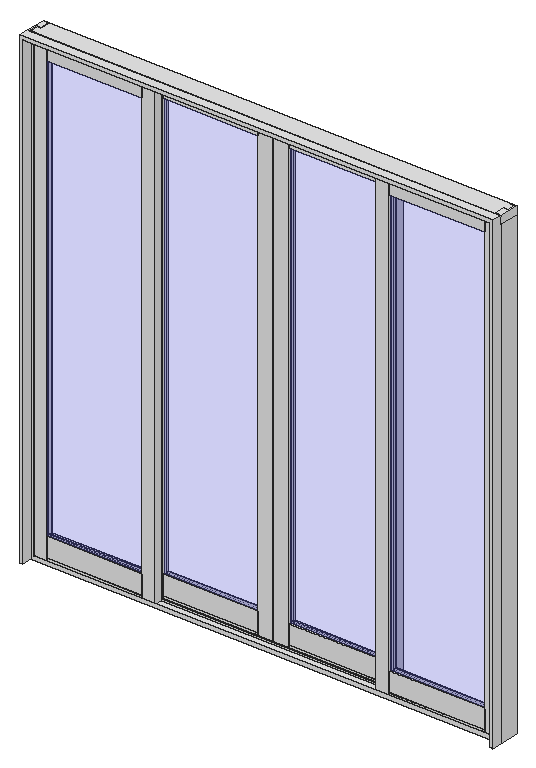
Revit family "Door-Sliding-All_Weather-Series_8100-Bi-Parting", category Doors, host Wall, Revit 2026 (continued)
Definition of nested family "Detail-All_Weather-Series_8100_Jamb"
  Dimensions and locks (in)
    Masking region 1 sketch curve to Masking region 1 sketch curve to plane 4 "Front" to Masking region 1 sketch curve to Masking region 1 sketch curve to Masking region 1 sketch curve to Masking region 1 sketch curve to Masking region 1 sketch curve to Masking region 1 sketch curve to Masking region 1 sketch curve to Masking region 1 sketch curve to Masking region 1 sketch curve to Masking region 1 sketch curve to Masking region 1 sketch curve to Masking region 1 sketch curve to Masking region 1 sketch curve to Masking region 1 sketch curve to Masking region 1 sketch curve to Masking region 1 sketch curve to Masking region 1 sketch curve to Masking region 1 sketch curve to Masking region 1 sketch curve to Masking region 1 sketch curve to Masking region 1 sketch curve to Masking region 1 sketch curve to Masking region 1 sketch curve to Masking region 1 sketch curve to Masking region 1 sketch curve to Masking region 1 sketch curve to Masking region 1 sketch curve to Masking region 1 sketch curve to Masking region 1 sketch curve to Masking region 1 sketch curve to Masking region 1 sketch curve to Masking region 1 sketch curve to Masking region 1 sketch curve to Masking region 1 sketch curve to Masking region 1 sketch curve to Masking region 1 sketch curve to Masking region 1 sketch curve to Masking region 1 sketch curve to Masking region 1 sketch curve to Masking region 1 sketch curve to Masking region 1 sketch curve = 0' - 0" locked, 0' - 0" locked, 0' - 0.04715" locked, 0' - 0.02243" locked, 0' - 0" locked, 0' - 0.02982" locked, 0' - 0" locked, 0' - 0.01988" locked, 0' - 0" locked, 0' - 0.03976" locked, 0' - 0" locked, 0' - 0.00994" locked, 0' - 0.50689" locked, 0' - 0.03081" locked, 0' - 0" locked, 0' - 0.08755" locked, 0' - 0" locked, 0' - 0.04001" locked, 0' - 0" locked, 0' - 0.03941" locked, 0' - 0" locked, 0' - 0.25253" locked, 0' - 0" locked, 0' - 0.03941" locked, 0' - 0" locked, 0' - 0.04001" locked, 0' - 0" locked, 0' - 0.08755" locked, 0' - 0" locked, 0' - 0.03081" locked, 0' - 0.51683" locked, 0' - 0" locked, 0' - 0.03976" locked, 0' - 0" locked, 0' - 0.00994" locked, 0' - 0.03976" locked, 0' - 0" locked, 0' - 0.02243" locked, 0' - 0.04715" locked, 0' - 0" locked, 0' - 0.03705" locked, 0' - 0.01425" locked, 0' - 0.03114" locked
    Masking region 1 sketch curve to Masking region 1 sketch curve to plane 3 "Top" to Masking region 1 sketch curve to Masking region 1 sketch curve to Masking region 1 sketch curve to Masking region 1 sketch curve to Masking region 1 sketch curve to Masking region 1 sketch curve to Masking region 1 sketch curve to Masking region 1 sketch curve to Masking region 1 sketch curve to Masking region 1 sketch curve = 0' - 0" locked, 0' - 0" locked, 0' - 0.06162" locked, 0' - 0" locked, 0' - 0.04771" locked, 0' - 0" locked, 0' - 0.12325" locked, 0' - 0" locked, 0' - 0.04771" locked, 0' - 0" locked, 0' - 0.06162" locked, 0' - 0" locked
    plane 1 "Center (Front/Back)" to Masking region 2 sketch curve to Masking region 2 sketch curve to Masking region 2 sketch curve to Masking region 2 sketch curve to Masking region 2 sketch curve = 0' - 0.06977" locked, 0' - 0" locked, 0' - 0.1143" locked, 0' - 0.11812" locked, 0' - 0" locked
    plane 4 "Front" to Masking region 2 sketch curve to Masking region 2 sketch curve to Masking region 2 sketch curve to Masking region 2 sketch curve to Masking region 2 sketch curve = 0' - 0.16896" locked, 0' - 0.43732" locked, 0' - 0.77538" locked, 0' - 0.43732" locked, 0' - 0.09939" locked
    "Thickness": plane 4 "Front" to plane 5
    plane 4 "Front" to Masking region 4 sketch curve to Masking region 4 sketch curve to Masking region 4 sketch curve to Masking region 4 sketch curve to Masking region 4 sketch curve to Masking region 4 sketch curve to Masking region 4 sketch curve to Masking region 4 sketch curve = 0' - 0.06957" locked, 0' - 0.04969" locked, 0' - 0" locked, 0' - 0.13554" locked, 0' - 1.4902" locked, 0' - 0.13554" locked, 0' - 0" locked, 0' - 0.04969" locked
    plane 3 "Top" to Masking region 4 sketch curve to Masking region 4 sketch curve to Masking region 4 sketch curve to Masking region 4 sketch curve to Masking region 4 sketch curve to Masking region 4 sketch curve to Masking region 4 sketch curve to Masking region 4 sketch curve to Masking region 4 sketch curve to Masking region 4 sketch curve to Masking region 4 sketch curve to Masking region 4 sketch curve = 0' - 0.06162" locked, 0' - 0" locked, 0' - 0.06321" locked, 0' - 0" locked, 0' - 0.00755" locked, 0' - 0" locked, 0' - 0.07901" locked, 0' - 0" locked, 0' - 0.00739" locked, 0' - 0" locked, 0' - 0.06151" locked, 0' - 0" locked
    plane 4 "Front" to Masking region 5 sketch curve to Masking region 5 sketch curve to Masking region 5 sketch curve to Masking region 5 sketch curve to Masking region 5 sketch curve to Masking region 5 sketch curve to Masking region 5 sketch curve to Masking region 5 sketch curve to Masking region 5 sketch curve to Masking region 5 sketch curve to Masking region 5 sketch curve to Masking region 5 sketch curve to Masking region 5 sketch curve to Masking region 5 sketch curve to Masking region 5 sketch curve to Masking region 5 sketch curve to Masking region 5 sketch curve to Masking region 5 sketch curve = 0' - 0.67585" locked, 0' - 0.03081" locked, 0' - 0" locked, 0' - 0.08755" locked, 0' - 0" locked, 0' - 0.04001" locked, 0' - 0" locked, 0' - 0.03941" locked, 0' - 0" locked, 0' - 0.25253" locked, 0' - 0" locked, 0' - 0.03941" locked, 0' - 0" locked, 0' - 0.04001" locked, 0' - 0" locked, 0' - 0.08755" locked, 0' - 0" locked, 0' - 0.03081" locked
    Masking region 5 sketch curve to Masking region 5 sketch curve to Masking region 5 sketch curve to Masking region 5 sketch curve to Masking region 5 sketch curve to Masking region 5 sketch curve to Masking region 5 sketch curve to Masking region 5 sketch curve to Masking region 5 sketch curve to Masking region 5 sketch curve to Masking region 5 sketch curve to Masking region 5 sketch curve to Masking region 5 sketch curve to Masking region 5 sketch curve to Masking region 5 sketch curve to Masking region 5 sketch curve to Masking region 5 sketch curve to Masking region 5 sketch curve = 0' - 0 3/256" locked, 0' - 0" locked, 0' - 0.01988" locked, 0' - 0" locked, 0' - 0.01093" locked, 0' - 0" locked, 0' - 0.0092" locked, 0' - 0" locked, 0' - 0.16349" locked, 0' - 0" locked, 0' - 0.0092" locked, 0' - 0" locked, 0' - 0.01093" locked, 0' - 0" locked, 0' - 0.01988" locked, 0' - 0" locked, 0' - 0.01168" locked
    Masking region 1 sketch curve to Masking region 1 sketch curve to Masking region 1 sketch curve to Masking region 1 sketch curve to Masking region 1 sketch curve to Masking region 1 sketch curve to Masking region 1 sketch curve to Masking region 1 sketch curve to Masking region 1 sketch curve to Masking region 1 sketch curve to Masking region 1 sketch curve to Masking region 1 sketch curve to Masking region 1 sketch curve to Masking region 1 sketch curve to Masking region 1 sketch curve to Masking region 1 sketch curve to Masking region 1 sketch curve to Masking region 1 sketch curve to Masking region 1 sketch curve to Masking region 1 sketch curve to Masking region 1 sketch curve to Masking region 1 sketch curve to Masking region 1 sketch curve to Masking region 1 sketch curve to Masking region 1 sketch curve to Masking region 1 sketch curve to Masking region 1 sketch curve to Masking region 1 sketch curve to Masking region 1 sketch curve to Masking region 1 sketch curve to Masking region 1 sketch curve to plane 1 "Center (Front/Back)" = 0' - 0.06957" locked, 0' - 0.00974" locked, 0' - 0.0242" locked, 0' - 0" locked, 0' - 0.01575" locked, 0' - 0.00974" locked, 0' - 0.02504" locked, 0' - 0" locked, 0' - 0.01988" locked, 0' - 0" locked, 0' - 0.01093" locked, 0' - 0" locked, 0' - 0.00378" locked, 0' - 0.00542" locked, 0' - 0" locked, 0' - 0.09715" locked, 0' - 0.05963" locked, 0' - 0" locked, 0' - 0.0067" locked, 0' - 0" locked, 0' - 0.0092" locked, 0' - 0" locked, 0' - 0.01093" locked, 0' - 0" locked, 0' - 0.01988" locked, 0' - 0" locked, 0' - 0.04646" locked, 0' - 0" locked, 0' - 0.03106" locked, 0' - 0" locked, 0' - 0" locked
    plane 4 "Front" to plane 6 to plane 7 = 0' - 0.99014" locked, 0' - 2" locked
    locked: plane 8 to plane 5 at 1.06903
    Masking region 6 sketch curve to Masking region 6 sketch curve to Masking region 6 sketch curve to Masking region 6 sketch curve to Masking region 6 sketch curve = 0' - 0" locked, 0' - 0.1143" locked, 0' - 0.11812" locked, 0' - 0" locked
    plane 4 "Front" to Masking region 6 sketch curve to Masking region 6 sketch curve to Masking region 6 sketch curve to Masking region 6 sketch curve to Masking region 6 sketch curve = 0' - 2.16896" locked, 0' - 0.43732" locked, 0' - 0.77538" locked, 0' - 0.43732" locked, 0' - 0.09939" locked
    plane 4 "Front" to Masking region 7 sketch curve to Masking region 7 sketch curve to Masking region 7 sketch curve to Masking region 7 sketch curve to Masking region 7 sketch curve to Masking region 7 sketch curve to Masking region 7 sketch curve to Masking region 7 sketch curve to Masking region 7 sketch curve to Masking region 7 sketch curve to Masking region 7 sketch curve to Masking region 7 sketch curve to Masking region 7 sketch curve to Masking region 7 sketch curve to Masking region 7 sketch curve to Masking region 7 sketch curve to Masking region 7 sketch curve to Masking region 7 sketch curve = 0' - 2.67585" locked, 0' - 0.03081" locked, 0' - 0" locked, 0' - 0.08755" locked, 0' - 0" locked, 0' - 0.04001" locked, 0' - 0" locked, 0' - 0.03941" locked, 0' - 0" locked, 0' - 0.25253" locked, 0' - 0" locked, 0' - 0.03941" locked, 0' - 0" locked, 0' - 0.04001" locked, 0' - 0" locked, 0' - 0.08755" locked, 0' - 0" locked, 0' - 0.03081" locked
    Masking region 7 sketch curve to Masking region 7 sketch curve to Masking region 7 sketch curve to Masking region 7 sketch curve to Masking region 7 sketch curve to Masking region 7 sketch curve to Masking region 7 sketch curve to Masking region 7 sketch curve to Masking region 7 sketch curve to Masking region 7 sketch curve to Masking region 7 sketch curve to Masking region 7 sketch curve to Masking region 7 sketch curve to Masking region 7 sketch curve to Masking region 7 sketch curve to Masking region 7 sketch curve to Masking region 7 sketch curve to Masking region 7 sketch curve = 0' - 0 3/256" locked, 0' - 0" locked, 0' - 0.01988" locked, 0' - 0" locked, 0' - 0.01093" locked, 0' - 0" locked, 0' - 0.0092" locked, 0' - 0" locked, 0' - 0.16349" locked, 0' - 0" locked, 0' - 0.0092" locked, 0' - 0" locked, 0' - 0.01093" locked, 0' - 0" locked, 0' - 0.01988" locked, 0' - 0" locked, 0' - 0.01168" locked
    plane 4 "Front" to Masking region 8 sketch curve to Masking region 8 sketch curve to Masking region 8 sketch curve to Masking region 8 sketch curve to Masking region 8 sketch curve to Masking region 8 sketch curve to Masking region 8 sketch curve to Masking region 8 sketch curve to Masking region 8 sketch curve to Masking region 8 sketch curve to Masking region 8 sketch curve to Masking region 8 sketch curve to Masking region 8 sketch curve to Masking region 8 sketch curve to Masking region 8 sketch curve to Masking region 8 sketch curve to Masking region 8 sketch curve to Masking region 8 sketch curve to Masking region 8 sketch curve to Masking region 8 sketch curve to Masking region 8 sketch curve to Masking region 8 sketch curve to Masking region 8 sketch curve to Masking region 8 sketch curve to Masking region 8 sketch curve to Masking region 8 sketch curve to Masking region 8 sketch curve to Masking region 8 sketch curve to Masking region 8 sketch curve to Masking region 8 sketch curve to Masking region 8 sketch curve to Masking region 8 sketch curve to Masking region 8 sketch curve to Masking region 8 sketch curve to Masking region 8 sketch curve to Masking region 8 sketch curve to Masking region 8 sketch curve to Masking region 8 sketch curve to Masking region 8 sketch curve to Masking region 8 sketch curve to Masking region 8 sketch curve to Masking region 8 sketch curve to Masking region 8 sketch curve = 0' - 1.99981" locked, 0' - 0" locked, 0' - 0.04715", 0' - 0.02243" locked, 0' - 0" locked, 0' - 0.02982" locked, 0' - 0" locked, 0' - 0.01988" locked, 0' - 0" locked, 0' - 0.03976" locked, 0' - 0" locked, 0' - 0.00994" locked, 0' - 0.50689" locked, 0' - 0.03081" locked, 0' - 0" locked, 0' - 0.08755" locked, 0' - 0" locked, 0' - 0.04001" locked, 0' - 0" locked, 0' - 0.03941" locked, 0' - 0" locked, 0' - 0.25253" locked, 0' - 0" locked, 0' - 0.03941" locked, 0' - 0" locked, 0' - 0.04001" locked, 0' - 0" locked, 0' - 0.08755" locked, 0' - 0" locked, 0' - 0.03081" locked, 0' - 0.51683" locked, 0' - 0" locked, 0' - 0.03976" locked, 0' - 0" locked, 0' - 0.00994" locked, 0' - 0.03976" locked, 0' - 0" locked, 0' - 0.02243" locked, 0' - 0.04715" locked, 0' - 0" locked, 0' - 0.03705" locked, 0' - 0.01425" locked, 0' - 0.03114" locked
    Masking region 8 sketch curve to Masking region 8 sketch curve to Masking region 8 sketch curve to Masking region 8 sketch curve to Masking region 8 sketch curve to Masking region 8 sketch curve to Masking region 8 sketch curve to Masking region 8 sketch curve to Masking region 8 sketch curve to Masking region 8 sketch curve to Masking region 8 sketch curve to Masking region 8 sketch curve = 0' - 0" locked, 0' - 0.06162", 0' - 0" locked, 0' - 0.04771" locked, 0' - 0" locked, 0' - 0.12325" locked, 0' - 0" locked, 0' - 0.04771" locked, 0' - 0" locked, 0' - 0.06162" locked, 0' - 0" locked
    Masking region 8 sketch curve to Masking region 8 sketch curve to Masking region 8 sketch curve to Masking region 8 sketch curve to Masking region 8 sketch curve to Masking region 8 sketch curve to Masking region 8 sketch curve to Masking region 8 sketch curve to Masking region 8 sketch curve to Masking region 8 sketch curve to Masking region 8 sketch curve to Masking region 8 sketch curve to Masking region 8 sketch curve to Masking region 8 sketch curve to Masking region 8 sketch curve to Masking region 8 sketch curve to Masking region 8 sketch curve to Masking region 8 sketch curve to Masking region 8 sketch curve to Masking region 8 sketch curve to Masking region 8 sketch curve to Masking region 8 sketch curve to Masking region 8 sketch curve to Masking region 8 sketch curve to Masking region 8 sketch curve to Masking region 8 sketch curve to Masking region 8 sketch curve to Masking region 8 sketch curve to Masking region 8 sketch curve to Masking region 8 sketch curve to Masking region 8 sketch curve = 0' - 0.06957" locked, 0' - 0.00974" locked, 0' - 0.0242" locked, 0' - 0" locked, 0' - 0.01575" locked, 0' - 0.00974" locked, 0' - 0.02504" locked, 0' - 0" locked, 0' - 0.01988" locked, 0' - 0" locked, 0' - 0.01093" locked, 0' - 0" locked, 0' - 0.00378" locked, 0' - 0.00542" locked, 0' - 0" locked, 0' - 0.09715" locked, 0' - 0.05963" locked, 0' - 0" locked, 0' - 0.0067" locked, 0' - 0" locked, 0' - 0.0092" locked, 0' - 0" locked, 0' - 0.01093" locked, 0' - 0" locked, 0' - 0.01988" locked, 0' - 0" locked, 0' - 0.04646" locked, 0' - 0" locked, 0' - 0.03106" locked, 0' - 0" locked
    plane 4 "Front" to Masking region 9 sketch curve to Masking region 9 sketch curve to Masking region 9 sketch curve to Masking region 9 sketch curve to Masking region 9 sketch curve to Masking region 9 sketch curve to Masking region 9 sketch curve to Masking region 9 sketch curve = 0' - 2.06957" locked, 0' - 0.04969" locked, 0' - 0" locked, 0' - 0.13554" locked, 0' - 1.4902" locked, 0' - 0.13554" locked, 0' - 0" locked, 0' - 0.04969" locked
    Masking region 9 sketch curve to Masking region 9 sketch curve to Masking region 9 sketch curve to Masking region 9 sketch curve to Masking region 9 sketch curve to Masking region 9 sketch curve to Masking region 9 sketch curve to Masking region 9 sketch curve to Masking region 9 sketch curve to Masking region 9 sketch curve to Masking region 9 sketch curve to Masking region 9 sketch curve = 0' - 0" locked, 0' - 0.06321" locked, 0' - 0" locked, 0' - 0.00755" locked, 0' - 0" locked, 0' - 0.07901" locked, 0' - 0" locked, 0' - 0.00739" locked, 0' - 0" locked, 0' - 0.06151" locked, 0' - 0" locked
    Masking region 10 sketch curve to Masking region 10 sketch curve to Masking region 10 sketch curve to Masking region 10 sketch curve to Masking region 10 sketch curve = 0' - 0" locked, 0' - 0.1143" locked, 0' - 0.11812" locked, 0' - 0" locked
    plane 4 "Front" to Masking region 10 sketch curve to Masking region 10 sketch curve to Masking region 10 sketch curve to Masking region 10 sketch curve to Masking region 10 sketch curve = 0' - 4.16896" locked, 0' - 0.43732" locked, 0' - 0.77538" locked, 0' - 0.43732" locked, 0' - 0.09939" locked
    plane 4 "Front" to Masking region 11 sketch curve to Masking region 11 sketch curve to Masking region 11 sketch curve to Masking region 11 sketch curve to Masking region 11 sketch curve to Masking region 11 sketch curve to Masking region 11 sketch curve to Masking region 11 sketch curve to Masking region 11 sketch curve to Masking region 11 sketch curve to Masking region 11 sketch curve to Masking region 11 sketch curve to Masking region 11 sketch curve to Masking region 11 sketch curve to Masking region 11 sketch curve to Masking region 11 sketch curve to Masking region 11 sketch curve to Masking region 11 sketch curve = 0' - 4.67585" locked, 0' - 0.03081" locked, 0' - 0" locked, 0' - 0.08755" locked, 0' - 0" locked, 0' - 0.04001" locked, 0' - 0" locked, 0' - 0.03941" locked, 0' - 0" locked, 0' - 0.25253" locked, 0' - 0" locked, 0' - 0.03941" locked, 0' - 0" locked, 0' - 0.04001" locked, 0' - 0" locked, 0' - 0.08755" locked, 0' - 0" locked, 0' - 0.03081" locked
    Masking region 11 sketch curve to Masking region 11 sketch curve to Masking region 11 sketch curve to Masking region 11 sketch curve to Masking region 11 sketch curve to Masking region 11 sketch curve to Masking region 11 sketch curve to Masking region 11 sketch curve to Masking region 11 sketch curve to Masking region 11 sketch curve to Masking region 11 sketch curve to Masking region 11 sketch curve to Masking region 11 sketch curve to Masking region 11 sketch curve to Masking region 11 sketch curve to Masking region 11 sketch curve to Masking region 11 sketch curve to Masking region 11 sketch curve = 0' - 0 3/256" locked, 0' - 0" locked, 0' - 0.01988" locked, 0' - 0" locked, 0' - 0.01093" locked, 0' - 0" locked, 0' - 0.0092" locked, 0' - 0" locked, 0' - 0.16349" locked, 0' - 0" locked, 0' - 0.0092" locked, 0' - 0" locked, 0' - 0.01093" locked, 0' - 0" locked, 0' - 0.01988" locked, 0' - 0" locked, 0' - 0.01168" locked
    plane 4 "Front" to Masking region 12 sketch curve to Masking region 12 sketch curve to Masking region 12 sketch curve to Masking region 12 sketch curve to Masking region 12 sketch curve to Masking region 12 sketch curve to Masking region 12 sketch curve to Masking region 12 sketch curve to Masking region 12 sketch curve to Masking region 12 sketch curve to Masking region 12 sketch curve to Masking region 12 sketch curve to Masking region 12 sketch curve to Masking region 12 sketch curve to Masking region 12 sketch curve to Masking region 12 sketch curve to Masking region 12 sketch curve to Masking region 12 sketch curve to Masking region 12 sketch curve to Masking region 12 sketch curve to Masking region 12 sketch curve to Masking region 12 sketch curve to Masking region 12 sketch curve to Masking region 12 sketch curve to Masking region 12 sketch curve to Masking region 12 sketch curve to Masking region 12 sketch curve to Masking region 12 sketch curve to Masking region 12 sketch curve to Masking region 12 sketch curve to Masking region 12 sketch curve to Masking region 12 sketch curve to Masking region 12 sketch curve to Masking region 12 sketch curve to Masking region 12 sketch curve to Masking region 12 sketch curve to Masking region 12 sketch curve to Masking region 12 sketch curve to Masking region 12 sketch curve to Masking region 12 sketch curve to Masking region 12 sketch curve to Masking region 12 sketch curve to Masking region 12 sketch curve = 0' - 3.99981" locked, 0' - 0" locked, 0' - 0.04715", 0' - 0.02243" locked, 0' - 0" locked, 0' - 0.02982" locked, 0' - 0" locked, 0' - 0.01988" locked, 0' - 0" locked, 0' - 0.03976" locked, 0' - 0" locked, 0' - 0.00994" locked, 0' - 0.50689" locked, 0' - 0.03081" locked, 0' - 0" locked, 0' - 0.08755" locked, 0' - 0" locked, 0' - 0.04001" locked, 0' - 0" locked, 0' - 0.03941" locked, 0' - 0" locked, 0' - 0.25253" locked, 0' - 0" locked, 0' - 0.03941" locked, 0' - 0" locked, 0' - 0.04001" locked, 0' - 0" locked, 0' - 0.08755" locked, 0' - 0" locked, 0' - 0.03081" locked, 0' - 0.51683" locked, 0' - 0" locked, 0' - 0.03976" locked, 0' - 0" locked, 0' - 0.00994" locked, 0' - 0.03976" locked, 0' - 0" locked, 0' - 0.02243" locked, 0' - 0.04715" locked, 0' - 0" locked, 0' - 0.03705" locked, 0' - 0.01425" locked, 0' - 0.03114" locked
    Masking region 12 sketch curve to Masking region 12 sketch curve to Masking region 12 sketch curve to Masking region 12 sketch curve to Masking region 12 sketch curve to Masking region 12 sketch curve to Masking region 12 sketch curve to Masking region 12 sketch curve to Masking region 12 sketch curve to Masking region 12 sketch curve to Masking region 12 sketch curve to Masking region 12 sketch curve = 0' - 0" locked, 0' - 0.06162", 0' - 0" locked, 0' - 0.04771" locked, 0' - 0" locked, 0' - 0.12325" locked, 0' - 0" locked, 0' - 0.04771" locked, 0' - 0" locked, 0' - 0.06162" locked, 0' - 0" locked
    Masking region 12 sketch curve to Masking region 12 sketch curve to Masking region 12 sketch curve to Masking region 12 sketch curve to Masking region 12 sketch curve to Masking region 12 sketch curve to Masking region 12 sketch curve to Masking region 12 sketch curve to Masking region 12 sketch curve to Masking region 12 sketch curve to Masking region 12 sketch curve to Masking region 12 sketch curve to Masking region 12 sketch curve to Masking region 12 sketch curve to Masking region 12 sketch curve to Masking region 12 sketch curve to Masking region 12 sketch curve to Masking region 12 sketch curve to Masking region 12 sketch curve to Masking region 12 sketch curve to Masking region 12 sketch curve to Masking region 12 sketch curve to Masking region 12 sketch curve to Masking region 12 sketch curve to Masking region 12 sketch curve to Masking region 12 sketch curve to Masking region 12 sketch curve to Masking region 12 sketch curve to Masking region 12 sketch curve to Masking region 12 sketch curve to Masking region 12 sketch curve = 0' - 0.06957" locked, 0' - 0.00974" locked, 0' - 0.0242" locked, 0' - 0" locked, 0' - 0.01575" locked, 0' - 0.00974" locked, 0' - 0.02504" locked, 0' - 0" locked, 0' - 0.01988" locked, 0' - 0" locked, 0' - 0.01093" locked, 0' - 0" locked, 0' - 0.00378" locked, 0' - 0.00542" locked, 0' - 0" locked, 0' - 0.09715" locked, 0' - 0.05963" locked, 0' - 0" locked, 0' - 0.0067" locked, 0' - 0" locked, 0' - 0.0092" locked, 0' - 0" locked, 0' - 0.01093" locked, 0' - 0" locked, 0' - 0.01988" locked, 0' - 0" locked, 0' - 0.04646" locked, 0' - 0" locked, 0' - 0.03106" locked, 0' - 0" locked
    plane 4 "Front" to Masking region 13 sketch curve to Masking region 13 sketch curve to Masking region 13 sketch curve to Masking region 13 sketch curve to Masking region 13 sketch curve to Masking region 13 sketch curve to Masking region 13 sketch curve to Masking region 13 sketch curve = 0' - 4.06957" locked, 0' - 0.04969" locked, 0' - 0" locked, 0' - 0.13554" locked, 0' - 1.4902" locked, 0' - 0.13554" locked, 0' - 0" locked, 0' - 0.04969" locked
    Masking region 13 sketch curve to Masking region 13 sketch curve to Masking region 13 sketch curve to Masking region 13 sketch curve to Masking region 13 sketch curve to Masking region 13 sketch curve to Masking region 13 sketch curve to Masking region 13 sketch curve to Masking region 13 sketch curve to Masking region 13 sketch curve to Masking region 13 sketch curve to Masking region 13 sketch curve = 0' - 0" locked, 0' - 0.06321" locked, 0' - 0" locked, 0' - 0.00755" locked, 0' - 0" locked, 0' - 0.07901" locked, 0' - 0" locked, 0' - 0.00739" locked, 0' - 0" locked, 0' - 0.06151" locked, 0' - 0" locked
    Masking region 14 sketch curve to Masking region 14 sketch curve to Masking region 14 sketch curve to Masking region 14 sketch curve to Masking region 14 sketch curve = 0' - 0" locked, 0' - 0.1143" locked, 0' - 0.11812" locked, 0' - 0" locked
    plane 4 "Front" to Masking region 14 sketch curve to Masking region 14 sketch curve to Masking region 14 sketch curve to Masking region 14 sketch curve to Masking region 14 sketch curve = 0' - 6.16896" locked, 0' - 0.43732" locked, 0' - 0.77538" locked, 0' - 0.43732" locked, 0' - 0.09939" locked
    plane 4 "Front" to Masking region 15 sketch curve to Masking region 15 sketch curve to Masking region 15 sketch curve to Masking region 15 sketch curve to Masking region 15 sketch curve to Masking region 15 sketch curve to Masking region 15 sketch curve to Masking region 15 sketch curve to Masking region 15 sketch curve to Masking region 15 sketch curve to Masking region 15 sketch curve to Masking region 15 sketch curve to Masking region 15 sketch curve to Masking region 15 sketch curve to Masking region 15 sketch curve to Masking region 15 sketch curve to Masking region 15 sketch curve to Masking region 15 sketch curve = 0' - 6.67585" locked, 0' - 0.03081" locked, 0' - 0" locked, 0' - 0.08755" locked, 0' - 0" locked, 0' - 0.04001" locked, 0' - 0" locked, 0' - 0.03941" locked, 0' - 0" locked, 0' - 0.25253" locked, 0' - 0" locked, 0' - 0.03941" locked, 0' - 0" locked, 0' - 0.04001" locked, 0' - 0" locked, 0' - 0.08755" locked, 0' - 0" locked, 0' - 0.03081" locked
    Masking region 15 sketch curve to Masking region 15 sketch curve to Masking region 15 sketch curve to Masking region 15 sketch curve to Masking region 15 sketch curve to Masking region 15 sketch curve to Masking region 15 sketch curve to Masking region 15 sketch curve to Masking region 15 sketch curve to Masking region 15 sketch curve to Masking region 15 sketch curve to Masking region 15 sketch curve to Masking region 15 sketch curve to Masking region 15 sketch curve to Masking region 15 sketch curve to Masking region 15 sketch curve to Masking region 15 sketch curve to Masking region 15 sketch curve = 0' - 0 3/256" locked, 0' - 0" locked, 0' - 0.01988" locked, 0' - 0" locked, 0' - 0.01093" locked, 0' - 0" locked, 0' - 0.0092" locked, 0' - 0" locked, 0' - 0.16349" locked, 0' - 0" locked, 0' - 0.0092" locked, 0' - 0" locked, 0' - 0.01093" locked, 0' - 0" locked, 0' - 0.01988" locked, 0' - 0" locked, 0' - 0.01168" locked
    plane 4 "Front" to Masking region 16 sketch curve to Masking region 16 sketch curve to Masking region 16 sketch curve to Masking region 16 sketch curve to Masking region 16 sketch curve to Masking region 16 sketch curve to Masking region 16 sketch curve to Masking region 16 sketch curve to Masking region 16 sketch curve to Masking region 16 sketch curve to Masking region 16 sketch curve to Masking region 16 sketch curve to Masking region 16 sketch curve to Masking region 16 sketch curve to Masking region 16 sketch curve to Masking region 16 sketch curve to Masking region 16 sketch curve to Masking region 16 sketch curve to Masking region 16 sketch curve to Masking region 16 sketch curve to Masking region 16 sketch curve to Masking region 16 sketch curve to Masking region 16 sketch curve to Masking region 16 sketch curve to Masking region 16 sketch curve to Masking region 16 sketch curve to Masking region 16 sketch curve to Masking region 16 sketch curve to Masking region 16 sketch curve to Masking region 16 sketch curve to Masking region 16 sketch curve to Masking region 16 sketch curve to Masking region 16 sketch curve to Masking region 16 sketch curve to Masking region 16 sketch curve to Masking region 16 sketch curve to Masking region 16 sketch curve to Masking region 16 sketch curve to Masking region 16 sketch curve to Masking region 16 sketch curve to Masking region 16 sketch curve to Masking region 16 sketch curve to Masking region 16 sketch curve = 0' - 5.99981" locked, 0' - 0" locked, 0' - 0.04715", 0' - 0.02243" locked, 0' - 0" locked, 0' - 0.02982" locked, 0' - 0" locked, 0' - 0.01988" locked, 0' - 0" locked, 0' - 0.03976" locked, 0' - 0" locked, 0' - 0.00994" locked, 0' - 0.50689" locked, 0' - 0.03081" locked, 0' - 0" locked, 0' - 0.08755" locked, 0' - 0" locked, 0' - 0.04001" locked, 0' - 0" locked, 0' - 0.03941" locked, 0' - 0" locked, 0' - 0.25253" locked, 0' - 0" locked, 0' - 0.03941" locked, 0' - 0" locked, 0' - 0.04001" locked, 0' - 0" locked, 0' - 0.08755" locked, 0' - 0" locked, 0' - 0.03081" locked, 0' - 0.51683" locked, 0' - 0" locked, 0' - 0.03976" locked, 0' - 0" locked, 0' - 0.00994" locked, 0' - 0.03976" locked, 0' - 0" locked, 0' - 0.02243" locked, 0' - 0.04715" locked, 0' - 0" locked, 0' - 0.03705" locked, 0' - 0.01425" locked, 0' - 0.03114" locked
    Masking region 16 sketch curve to Masking region 16 sketch curve to Masking region 16 sketch curve to Masking region 16 sketch curve to Masking region 16 sketch curve to Masking region 16 sketch curve to Masking region 16 sketch curve to Masking region 16 sketch curve to Masking region 16 sketch curve to Masking region 16 sketch curve to Masking region 16 sketch curve to Masking region 16 sketch curve = 0' - 0" locked, 0' - 0.06162", 0' - 0" locked, 0' - 0.04771" locked, 0' - 0" locked, 0' - 0.12325" locked, 0' - 0" locked, 0' - 0.04771" locked, 0' - 0" locked, 0' - 0.06162" locked, 0' - 0" locked
    Masking region 16 sketch curve to Masking region 16 sketch curve to Masking region 16 sketch curve to Masking region 16 sketch curve to Masking region 16 sketch curve to Masking region 16 sketch curve to Masking region 16 sketch curve to Masking region 16 sketch curve to Masking region 16 sketch curve to Masking region 16 sketch curve to Masking region 16 sketch curve to Masking region 16 sketch curve to Masking region 16 sketch curve to Masking region 16 sketch curve to Masking region 16 sketch curve to Masking region 16 sketch curve to Masking region 16 sketch curve to Masking region 16 sketch curve to Masking region 16 sketch curve to Masking region 16 sketch curve to Masking region 16 sketch curve to Masking region 16 sketch curve to Masking region 16 sketch curve to Masking region 16 sketch curve to Masking region 16 sketch curve to Masking region 16 sketch curve to Masking region 16 sketch curve to Masking region 16 sketch curve to Masking region 16 sketch curve to Masking region 16 sketch curve to Masking region 16 sketch curve = 0' - 0.06957" locked, 0' - 0.00974" locked, 0' - 0.0242" locked, 0' - 0" locked, 0' - 0.01575" locked, 0' - 0.00974" locked, 0' - 0.02504" locked, 0' - 0" locked, 0' - 0.01988" locked, 0' - 0" locked, 0' - 0.01093" locked, 0' - 0" locked, 0' - 0.00378" locked, 0' - 0.00542" locked, 0' - 0" locked, 0' - 0.09715" locked, 0' - 0.05963" locked, 0' - 0" locked, 0' - 0.0067" locked, 0' - 0" locked, 0' - 0.0092" locked, 0' - 0" locked, 0' - 0.01093" locked, 0' - 0" locked, 0' - 0.01988" locked, 0' - 0" locked, 0' - 0.04646" locked, 0' - 0" locked, 0' - 0.03106" locked, 0' - 0" locked
    plane 4 "Front" to Masking region 17 sketch curve to Masking region 17 sketch curve to Masking region 17 sketch curve to Masking region 17 sketch curve to Masking region 17 sketch curve to Masking region 17 sketch curve to Masking region 17 sketch curve to Masking region 17 sketch curve = 0' - 6.06957" locked, 0' - 0.04969" locked, 0' - 0" locked, 0' - 0.13554" locked, 0' - 1.4902" locked, 0' - 0.13554" locked, 0' - 0" locked, 0' - 0.04969" locked
    Masking region 17 sketch curve to Masking region 17 sketch curve to Masking region 17 sketch curve to Masking region 17 sketch curve to Masking region 17 sketch curve to Masking region 17 sketch curve to Masking region 17 sketch curve to Masking region 17 sketch curve to Masking region 17 sketch curve to Masking region 17 sketch curve to Masking region 17 sketch curve to Masking region 17 sketch curve = 0' - 0" locked, 0' - 0.06321" locked, 0' - 0" locked, 0' - 0.00755" locked, 0' - 0" locked, 0' - 0.07901" locked, 0' - 0" locked, 0' - 0.00739" locked, 0' - 0" locked, 0' - 0.06151" locked, 0' - 0" locked
    aligned and locked: Masking region 3 sketch curve to Masking region 1  (x2)
    aligned and locked: Masking region 3 sketch curve to plane 1 "Center (Front/Back)"
    aligned and locked: Masking region 3 sketch curve to plane 5
  Automatic sketch dimensions
    Masking region 1 sketch curve to plane 4 "Front" = 0' - 0 1/32"
    Masking region 1 sketch curve to plane 4 "Front" = 0' - 0.04179"
    Masking region 5 sketch curve to plane 1 "Center (Front/Back)" = 0' - 0.06581"
    Masking region 6 sketch curve to plane 1 "Center (Front/Back)" = 0' - 0.06977"
    Masking region 7 sketch curve to plane 1 "Center (Front/Back)" = 0' - 0.10833"
    Masking region 8 sketch curve to plane 3 "Top" = 0' - 0"
    plane 1 "Center (Front/Back)" to Masking region 8 sketch curve = 0' - 0"
    Masking region 8 sketch curve to Masking region 8 sketch curve = 0' - 0 1/32"
    Masking region 8 sketch curve to Masking region 8 sketch curve = 0' - 0.01056"
    Masking region 9 sketch curve to plane 3 "Top" = 0' - 0.06162"
    Masking region 10 sketch curve to plane 1 "Center (Front/Back)" = 0' - 0.06977"
    Masking region 11 sketch curve to plane 1 "Center (Front/Back)" = 0' - 0.10833"
    Masking region 12 sketch curve to plane 3 "Top" = 0' - 0"
    plane 1 "Center (Front/Back)" to Masking region 12 sketch curve = 0' - 0"
    Masking region 12 sketch curve to Masking region 12 sketch curve = 0' - 0 1/32"
    Masking region 12 sketch curve to Masking region 12 sketch curve = 0' - 0.01056"
    Masking region 13 sketch curve to plane 3 "Top" = 0' - 0.06162"
    Masking region 14 sketch curve to plane 1 "Center (Front/Back)" = 0' - 0.06977"
    Masking region 15 sketch curve to plane 1 "Center (Front/Back)" = 0' - 0.10833"
    Masking region 16 sketch curve to plane 3 "Top" = 0' - 0"
    plane 1 "Center (Front/Back)" to Masking region 16 sketch curve = 0' - 0"
    Masking region 16 sketch curve to Masking region 16 sketch curve = 0' - 0 1/32"
    Masking region 16 sketch curve to Masking region 16 sketch curve = 0' - 0.01056"
    Masking region 17 sketch curve to plane 3 "Top" = 0' - 0.06162"
Definition of nested family "Detail-All_Weather-Series_8100_Footer"
  Parameters (values of type "Footer")
    URL = "https://www.allweatheraa.com/"
    Type Comments = "5 in Thermal Strut Sliding Glass Door"  # constant formula
    Thickness = 0' - 4"
    Specification = ""
    Profile Offset = 0' - 1 9/256"  # constant formula
    Product Page URL = "https://www.allweatheraa.com/doors/series-8100-sliding-doors/"
    Product Name = "Series 8100"  # constant formula
    Product Documentation Link = "https://www.allweatheraa.com/download/4291/"
    Nail Fin Offset = 0' - 1 33/128"  # constant formula
    Model = "Sliding Door"  # constant formula
    Manufacturer = "All Weather Architectural Aluminum"  # constant formula
    Height = 0' - 0 3/4"  # constant formula
    Glass Thickness = 0' - 1"  # constant formula
    Description = "Footer"  # constant formula
    Assembly Code = "B2020100"
    4 Track = Thickness > 0' 6"  # no
    3 Track = Thickness > 0' 4"  # no
    2 Track = Thickness > 0' 1"  # yes
  Reference planes (in)
    plane 1 "Center (Front/Back)": y = 1.75
    plane 2: z = 0
    plane 3 "Top": y = 2.5
    plane 4 "Front": x = -1.41797
    plane 5: x = 2.58203
    plane 6: x = 1.58203
    plane 7: x = 0.57778
    plane 8: x = 2.57778
    plane 9: x = 4.57778
  Lines and regions (in)
    Masking region 1, in view "Ref. Level", visible <- "2 Track", detail levels medium+fine
      outline origin (-0.0092, 0, 0) x (1, 0, 0) y (0, 1, 0)
        loop
          line (-0.72313, 2.4338) -> (-0.72313, 2.21514) -> (-0.77282, 2.21514) -> (-0.77282, 2.26245) -> (-0.81258, 2.26245) -> (-0.81258, 2.16942) -> (-0.79468, 2.14386) -> (-0.79468, 2.078)
          arc (-0.79468, 2.078) -> (-0.84347, 2.0687) -> (-0.88543, 2.04212) r 0.13269
          arc (-0.88543, 2.04212) -> (-0.88679, 1.99997) -> (-0.84464, 1.99861) r 0.02982
          arc (-0.84464, 1.99861) -> (-0.72179, 1.94041) -> (-0.85133, 1.89919) r 0.07305
          line (-0.85133, 1.89919) -> (-1.34132, 1.93387) -> (-1.34132, 2.15352) -> (-1.24193, 2.15352) -> (-1.24193, 2.26245) -> (-1.28164, 2.26245) -> (-1.28164, 2.21514) -> (-1.33134, 2.21514) -> (-1.33134, 2.4338) -> (-1.28164, 2.4338) -> (-1.28164, 2.38649) -> (-1.24193, 2.38649) -> (-1.24193, 2.49542) -> (-1.40096, 2.49542) -> (-1.40096, 2.09588) -> (-1.43341, 2.09588) -> (-1.44861, 2.14557) -> (-1.48047, 2.14557) -> (-1.48047, 2.0673)
          arc (-1.48047, 2.0673) -> (-1.47137, 2.04534) -> (-1.44941, 2.03624) r 0.03106
          line (-1.44941, 2.03624) -> (-1.40096, 2.03624) -> (-1.40096, 1.78106) -> (-1.35184, 1.78106) -> (-1.35184, 1.87424) -> (-1.29163, 1.87424) -> (-1.29163, 1.75) -> (-1.21212, 1.75) -> (-1.21212, 1.85498) -> (-0.86784, 1.83061) -> (-0.79468, 1.75) -> (-0.52694, 1.75) -> (-0.52694, 1.85004)
          arc (-0.52694, 1.85004) -> (-0.53735, 1.87036) -> (-0.55992, 1.87378) r 0.02503
          line (-0.55992, 1.87378) -> (-0.60618, 1.82752) -> (-0.66248, 1.82752)
          arc (-0.66248, 1.82752) -> (-0.68427, 1.83655) -> (-0.69329, 1.85833) r 0.03081
          line (-0.69329, 1.85833) -> (-0.69329, 2.04022)
          arc (-0.69329, 2.04022) -> (-0.68427, 2.062) -> (-0.66248, 2.07103) r 0.03081
          line (-0.66248, 2.07103) -> (-0.60618, 2.07103) -> (-0.56617, 2.03102)
          arc (-0.56617, 2.03102) -> (-0.5403, 2.02902) -> (-0.52675, 2.05115) r 0.02485
          line (-0.52675, 2.05115) -> (-0.52675, 2.18197) -> (-0.56642, 2.12532) -> (-0.6192, 2.12532) -> (-0.64362, 2.14973) -> (-0.64362, 2.37497) -> (-0.59466, 2.34069) -> (-0.59466, 2.39707) -> (-0.6436, 2.49542) -> (-0.81258, 2.49542) -> (-0.81258, 2.38649) -> (-0.77282, 2.38649) -> (-0.77282, 2.4338) -> (-0.72313, 2.4338)
        loop
          line (-0.08175, 2.4338) -> (-0.03206, 2.4338) -> (-0.03206, 2.38649) -> (0.0077, 2.38649) -> (0.0077, 2.49542) -> (-0.16128, 2.49542) -> (-0.21022, 2.39707) -> (-0.21022, 2.34069) -> (-0.16126, 2.37497) -> (-0.16126, 2.14973) -> (-0.18568, 2.12532) -> (-0.23846, 2.12532) -> (-0.27813, 2.18197) -> (-0.27813, 2.05115)
          arc (-0.27813, 2.05115) -> (-0.26458, 2.02902) -> (-0.23871, 2.03102) r 0.02485
          line (-0.23871, 2.03102) -> (-0.1987, 2.07103) -> (-0.1424, 2.07103)
          arc (-0.1424, 2.07103) -> (-0.12061, 2.062) -> (-0.11159, 2.04022) r 0.03081
          line (-0.11159, 2.04022) -> (-0.11159, 1.85833)
          arc (-0.11159, 1.85833) -> (-0.12061, 1.83655) -> (-0.1424, 1.82752) r 0.03081
          line (-0.1424, 1.82752) -> (-0.1987, 1.82752) -> (-0.24496, 1.87378)
          arc (-0.24496, 1.87378) -> (-0.26753, 1.87036) -> (-0.27794, 1.85004) r 0.02503
          line (-0.27794, 1.85004) -> (-0.27794, 1.75) -> (-0.0102, 1.75) -> (0.06307, 1.83073) -> (0.41589, 1.86225) -> (0.41589, 1.75) -> (0.4954, 1.75) -> (0.4954, 1.87424) -> (0.54696, 1.87424) -> (0.54696, 1.78106) -> (0.59608, 1.78106) -> (0.59608, 1.93387) -> (0.4954, 1.93387) -> (0.4954, 2.15534) -> (0.5515, 2.15534) -> (0.56373, 2.10564) -> (0.59479, 2.10564) -> (0.59479, 2.49542) -> (0.43705, 2.49542) -> (0.43705, 2.38649) -> (0.47676, 2.38649) -> (0.47676, 2.4338) -> (0.52646, 2.4338) -> (0.52646, 2.21514) -> (0.47676, 2.21514) -> (0.47676, 2.26245) -> (0.43705, 2.26245) -> (0.43705, 1.93399) -> (0.04636, 1.89908)
          arc (0.04636, 1.89908) -> (-0.08309, 1.94048) -> (0.03976, 1.99861) r 0.07305
          arc (0.03976, 1.99861) -> (0.08191, 1.99997) -> (0.08055, 2.04212) r 0.02982
          arc (0.08055, 2.04212) -> (0.03859, 2.0687) -> (-0.0102, 2.078) r 0.13269
          line (-0.0102, 2.078) -> (-0.0102, 2.14386) -> (0.0077, 2.16942) -> (0.0077, 2.26245) -> (-0.03206, 2.26245) -> (-0.03206, 2.21514) -> (-0.08175, 2.21514) -> (-0.08175, 2.4338)
    Masking region 2, in view "Ref. Level", visible <- "2 Track", detail levels coarse
      outline origin (0.00781, 0, 0) x (1, 0, 0) y (0, 1, 0)
        loop
          line (-1.41797, 2.5) -> (-1.41797, 1.75) -> (2.57422, 1.75) -> (2.57422, 2.5) -> (-1.41797, 2.5)
    Masking region 3, in view "Ref. Level", visible <- "2 Track", detail levels medium+fine
      outline origin (-0.00776, 0, 0) x (1, 0, 0) y (0, 1, 0)
        loop
          line (-1.28204, 2.36305) -> (-1.28204, 2.4338) -> (-1.33173, 2.4338) -> (-1.33173, 2.21514) -> (-1.28204, 2.21514) -> (-1.28204, 2.28404) -> (-1.1465, 2.27665) -> (-1.1465, 2.3706) -> (-1.28204, 2.36305)
        loop
          line (0.47409, 2.36305) -> (0.33855, 2.3706) -> (0.33855, 2.27665) -> (0.47409, 2.28404) -> (0.47409, 2.21514) -> (0.52378, 2.21514) -> (0.52378, 2.4338) -> (0.47409, 2.4338) -> (0.47409, 2.36305)
    Masking region 4, in view "Ref. Level", visible <- "2 Track", detail levels fine
      outline origin (-0.0092, 0, 0) x (1, 0, 0) y (0, 1, 0)
        loop
          line (-0.52675, 2.12834) -> (-0.52675, 2.05115)
          arc (-0.52675, 2.05115) -> (-0.5403, 2.02902) -> (-0.56617, 2.03102) r 0.02485
          line (-0.56617, 2.03102) -> (-0.60618, 2.07103) -> (-0.66248, 2.07103)
          arc (-0.66248, 2.07103) -> (-0.68427, 2.062) -> (-0.69329, 2.04022) r 0.03081
          line (-0.69329, 2.04022) -> (-0.69329, 1.85833)
          arc (-0.69329, 1.85833) -> (-0.68427, 1.83655) -> (-0.66248, 1.82752) r 0.03081
          line (-0.66248, 1.82752) -> (-0.60618, 1.82752) -> (-0.56617, 1.86753)
          arc (-0.56617, 1.86753) -> (-0.5403, 1.86953) -> (-0.52675, 1.8474) r 0.02485
          line (-0.52675, 1.8474) -> (-0.52675, 1.81581) -> (-0.27813, 1.81581) -> (-0.27813, 1.8474)
          arc (-0.27813, 1.8474) -> (-0.26458, 1.86953) -> (-0.23871, 1.86753) r 0.02485
          line (-0.23871, 1.86753) -> (-0.1987, 1.82752) -> (-0.1424, 1.82752)
          arc (-0.1424, 1.82752) -> (-0.12061, 1.83655) -> (-0.11159, 1.85833) r 0.03081
          line (-0.11159, 1.85833) -> (-0.11159, 2.04022)
          arc (-0.11159, 2.04022) -> (-0.12061, 2.062) -> (-0.1424, 2.07103) r 0.03081
          line (-0.1424, 2.07103) -> (-0.1987, 2.07103) -> (-0.23871, 2.03102)
          arc (-0.23871, 2.03102) -> (-0.26458, 2.02902) -> (-0.27813, 2.05115) r 0.02485
          line (-0.27813, 2.05115) -> (-0.27813, 2.12834) -> (-0.52675, 2.12834)
    Masking region 5, in view "Ref. Level", visible <- "2 Track", detail levels fine
      outline origin (-0.0092, 0, 0) x (1, 0, 0) y (0, 1, 0)
        loop
          line (-0.22135, 2.2299) -> (-0.22135, 2.40314) -> (-0.29872, 2.53225) -> (-0.29872, 2.57578)
          arc (-0.29872, 2.57578) -> (-0.40308, 2.68014) -> (-0.50744, 2.57578) r 0.10436
          line (-0.50744, 2.57578) -> (-0.50744, 2.53225) -> (-0.58472, 2.40314) -> (-0.58472, 2.2299) -> (-0.62137, 2.2299) -> (-0.62137, 2.1592)
          arc (-0.62137, 2.1592) -> (-0.58814, 2.12596) -> (-0.5549, 2.1592) r 0.03323
          line (-0.5549, 2.1592) -> (-0.5549, 2.39229) -> (-0.47763, 2.5214) -> (-0.47763, 2.57578)
          arc (-0.47763, 2.57578) -> (-0.40308, 2.65032) -> (-0.32854, 2.57578) r 0.07454
          line (-0.32854, 2.57578) -> (-0.32854, 2.5214) -> (-0.25127, 2.39229) -> (-0.25127, 2.1592)
          arc (-0.25127, 2.1592) -> (-0.21803, 2.12596) -> (-0.1848, 2.1592) r 0.03323
          line (-0.1848, 2.1592) -> (-0.1848, 2.2299) -> (-0.22135, 2.2299)
    Masking region 6, in view "Ref. Level", visible <- "2 Track", detail levels medium+fine
      outline origin (2.06606, 0, 0) x (1, 0, 0) y (0, 1, 0)
        loop
          line (-0.80264, 2.4338) -> (-0.80264, 2.21514) -> (-0.85234, 2.21514) -> (-0.85234, 2.26245) -> (-0.89209, 2.26245) -> (-0.89209, 2.16942) -> (-0.87419, 2.14386) -> (-0.87419, 2.078)
          arc (-0.87419, 2.078) -> (-0.92298, 2.0687) -> (-0.96494, 2.04212) r 0.13269
          arc (-0.96494, 2.04212) -> (-0.9663, 1.99997) -> (-0.92415, 1.99861) r 0.02982
          arc (-0.92415, 1.99861) -> (-0.8013, 1.94041) -> (-0.93084, 1.89919) r 0.07305
          line (-0.93084, 1.89919) -> (-1.42083, 1.93387) -> (-1.42083, 2.15352) -> (-1.32145, 2.15352) -> (-1.32145, 2.26245) -> (-1.36115, 2.26245) -> (-1.36115, 2.21514) -> (-1.41085, 2.21514) -> (-1.41085, 2.4338) -> (-1.36115, 2.4338) -> (-1.36115, 2.38649) -> (-1.32145, 2.38649) -> (-1.32145, 2.49542) -> (-1.48047, 2.49542) -> (-1.48047, 2.09588) -> (-1.51292, 2.09588) -> (-1.52812, 2.14557) -> (-1.55998, 2.14557) -> (-1.55998, 2.0673)
          arc (-1.55998, 2.0673) -> (-1.55088, 2.04534) -> (-1.52892, 2.03624) r 0.03106
          line (-1.52892, 2.03624) -> (-1.48047, 2.03624) -> (-1.48047, 1.78106) -> (-1.43135, 1.78106) -> (-1.43135, 1.87424) -> (-1.37114, 1.87424) -> (-1.37114, 1.75) -> (-1.29163, 1.75) -> (-1.29163, 1.85498) -> (-0.94735, 1.83061) -> (-0.87419, 1.75) -> (-0.60646, 1.75) -> (-0.60646, 1.85004)
          arc (-0.60646, 1.85004) -> (-0.61686, 1.87036) -> (-0.63943, 1.87378) r 0.02503
          line (-0.63943, 1.87378) -> (-0.68569, 1.82752) -> (-0.74199, 1.82752)
          arc (-0.74199, 1.82752) -> (-0.76378, 1.83655) -> (-0.7728, 1.85833) r 0.03081
          line (-0.7728, 1.85833) -> (-0.7728, 2.04022)
          arc (-0.7728, 2.04022) -> (-0.76378, 2.062) -> (-0.74199, 2.07103) r 0.03081
          line (-0.74199, 2.07103) -> (-0.68569, 2.07103) -> (-0.64568, 2.03102)
          arc (-0.64568, 2.03102) -> (-0.61981, 2.02902) -> (-0.60627, 2.05115) r 0.02485
          line (-0.60627, 2.05115) -> (-0.60627, 2.18197) -> (-0.64593, 2.12532) -> (-0.69871, 2.12532) -> (-0.72313, 2.14973) -> (-0.72313, 2.37497) -> (-0.67417, 2.34069) -> (-0.67417, 2.39707) -> (-0.72311, 2.49542) -> (-0.89209, 2.49542) -> (-0.89209, 2.38649) -> (-0.85234, 2.38649) -> (-0.85234, 2.4338) -> (-0.80264, 2.4338)
        loop
          line (-0.16126, 2.4338) -> (-0.11157, 2.4338) -> (-0.11157, 2.38649) -> (-0.07181, 2.38649) -> (-0.07181, 2.49542) -> (-0.2408, 2.49542) -> (-0.28973, 2.39707) -> (-0.28973, 2.34069) -> (-0.24077, 2.37497) -> (-0.24077, 2.14973) -> (-0.26519, 2.12532) -> (-0.31797, 2.12532) -> (-0.35764, 2.18197) -> (-0.35764, 2.05115)
          arc (-0.35764, 2.05115) -> (-0.34409, 2.02902) -> (-0.31823, 2.03102) r 0.02485
          line (-0.31823, 2.03102) -> (-0.27822, 2.07103) -> (-0.22191, 2.07103)
          arc (-0.22191, 2.07103) -> (-0.20013, 2.062) -> (-0.1911, 2.04022) r 0.03081
          line (-0.1911, 2.04022) -> (-0.1911, 1.85833)
          arc (-0.1911, 1.85833) -> (-0.20013, 1.83655) -> (-0.22191, 1.82752) r 0.03081
          line (-0.22191, 1.82752) -> (-0.27822, 1.82752) -> (-0.32447, 1.87378)
          arc (-0.32447, 1.87378) -> (-0.34704, 1.87036) -> (-0.35745, 1.85004) r 0.02503
          line (-0.35745, 1.85004) -> (-0.35745, 1.75) -> (-0.08971, 1.75) -> (-0.01645, 1.83073) -> (0.33638, 1.86225) -> (0.33638, 1.75) -> (0.41589, 1.75) -> (0.41589, 1.87424) -> (0.46745, 1.87424) -> (0.46745, 1.78106) -> (0.51656, 1.78106) -> (0.51656, 1.93387) -> (0.41589, 1.93387) -> (0.41589, 2.15534) -> (0.47199, 2.15534) -> (0.48422, 2.10564) -> (0.51528, 2.10564) -> (0.51528, 2.49542) -> (0.35754, 2.49542) -> (0.35754, 2.38649) -> (0.39725, 2.38649) -> (0.39725, 2.4338) -> (0.44694, 2.4338) -> (0.44694, 2.21514) -> (0.39725, 2.21514) -> (0.39725, 2.26245) -> (0.35754, 2.26245) -> (0.35754, 1.93399) -> (-0.03315, 1.89908)
          arc (-0.03315, 1.89908) -> (-0.1626, 1.94048) -> (-0.03975, 1.99861) r 0.07305
          arc (-0.03975, 1.99861) -> (0.00239, 1.99997) -> (0.00103, 2.04212) r 0.02982
          arc (0.00103, 2.04212) -> (-0.04092, 2.0687) -> (-0.08971, 2.078) r 0.13269
          line (-0.08971, 2.078) -> (-0.08971, 2.14386) -> (-0.07181, 2.16942) -> (-0.07181, 2.26245) -> (-0.11157, 2.26245) -> (-0.11157, 2.21514) -> (-0.16126, 2.21514) -> (-0.16126, 2.4338)
    Masking region 7, in view "Ref. Level", visible <- "2 Track", detail levels fine
      outline origin (2.06749, 0, 0) x (1, 0, 0) y (0, 1, 0)
        loop
          line (-1.36155, 2.36305) -> (-1.36155, 2.4338) -> (-1.41125, 2.4338) -> (-1.41125, 2.21514) -> (-1.36155, 2.21514) -> (-1.36155, 2.28404) -> (-1.22601, 2.27665) -> (-1.22601, 2.3706) -> (-1.36155, 2.36305)
        loop
          line (0.39458, 2.36305) -> (0.25904, 2.3706) -> (0.25904, 2.27665) -> (0.39458, 2.28404) -> (0.39458, 2.21514) -> (0.44427, 2.21514) -> (0.44427, 2.4338) -> (0.39458, 2.4338) -> (0.39458, 2.36305)
    Masking region 8, in view "Ref. Level", visible <- "2 Track", detail levels fine
      outline origin (2.06606, 0, 0) x (1, 0, 0) y (0, 1, 0)
        loop
          line (-0.60627, 2.12834) -> (-0.60627, 2.05115)
          arc (-0.60627, 2.05115) -> (-0.61981, 2.02902) -> (-0.64568, 2.03102) r 0.02485
          line (-0.64568, 2.03102) -> (-0.68569, 2.07103) -> (-0.74199, 2.07103)
          arc (-0.74199, 2.07103) -> (-0.76378, 2.062) -> (-0.7728, 2.04022) r 0.03081
          line (-0.7728, 2.04022) -> (-0.7728, 1.85833)
          arc (-0.7728, 1.85833) -> (-0.76378, 1.83655) -> (-0.74199, 1.82752) r 0.03081
          line (-0.74199, 1.82752) -> (-0.68569, 1.82752) -> (-0.64568, 1.86753)
          arc (-0.64568, 1.86753) -> (-0.61981, 1.86953) -> (-0.60627, 1.8474) r 0.02485
          line (-0.60627, 1.8474) -> (-0.60627, 1.81581) -> (-0.35764, 1.81581) -> (-0.35764, 1.8474)
          arc (-0.35764, 1.8474) -> (-0.34409, 1.86953) -> (-0.31823, 1.86753) r 0.02485
          line (-0.31823, 1.86753) -> (-0.27822, 1.82752) -> (-0.22191, 1.82752)
          arc (-0.22191, 1.82752) -> (-0.20013, 1.83655) -> (-0.1911, 1.85833) r 0.03081
          line (-0.1911, 1.85833) -> (-0.1911, 2.04022)
          arc (-0.1911, 2.04022) -> (-0.20013, 2.062) -> (-0.22191, 2.07103) r 0.03081
          line (-0.22191, 2.07103) -> (-0.27822, 2.07103) -> (-0.31823, 2.03102)
          arc (-0.31823, 2.03102) -> (-0.34409, 2.02902) -> (-0.35764, 2.05115) r 0.02485
          line (-0.35764, 2.05115) -> (-0.35764, 2.12834) -> (-0.60627, 2.12834)
    Masking region 9, in view "Ref. Level", visible <- "2 Track", detail levels fine
      outline origin (2.06606, 0, 0) x (1, 0, 0) y (0, 1, 0)
        loop
          line (-0.30086, 2.2299) -> (-0.30086, 2.40314) -> (-0.37824, 2.53225) -> (-0.37824, 2.57578)
          arc (-0.37824, 2.57578) -> (-0.4826, 2.68014) -> (-0.58695, 2.57578) r 0.10436
          line (-0.58695, 2.57578) -> (-0.58695, 2.53225) -> (-0.66423, 2.40314) -> (-0.66423, 2.2299) -> (-0.70088, 2.2299) -> (-0.70088, 2.1592)
          arc (-0.70088, 2.1592) -> (-0.66765, 2.12596) -> (-0.63441, 2.1592) r 0.03323
          line (-0.63441, 2.1592) -> (-0.63441, 2.39229) -> (-0.55714, 2.5214) -> (-0.55714, 2.57578)
          arc (-0.55714, 2.57578) -> (-0.4826, 2.65032) -> (-0.40805, 2.57578) r 0.07454
          line (-0.40805, 2.57578) -> (-0.40805, 2.5214) -> (-0.33078, 2.39229) -> (-0.33078, 2.1592)
          arc (-0.33078, 2.1592) -> (-0.29754, 2.12596) -> (-0.26431, 2.1592) r 0.03323
          line (-0.26431, 2.1592) -> (-0.26431, 2.2299) -> (-0.30086, 2.2299)
    Masking region 10, in view "Ref. Level", visible <- "3 Track", detail levels medium+fine
      outline origin (4.06606, 0, 0) x (1, 0, 0) y (0, 1, 0)
        loop
          line (-0.80264, 2.4338) -> (-0.80264, 2.21514) -> (-0.85234, 2.21514) -> (-0.85234, 2.26245) -> (-0.89209, 2.26245) -> (-0.89209, 2.16942) -> (-0.87419, 2.14386) -> (-0.87419, 2.078)
          arc (-0.87419, 2.078) -> (-0.92298, 2.0687) -> (-0.96494, 2.04212) r 0.13269
          arc (-0.96494, 2.04212) -> (-0.9663, 1.99997) -> (-0.92415, 1.99861) r 0.02982
          arc (-0.92415, 1.99861) -> (-0.8013, 1.94041) -> (-0.93084, 1.89919) r 0.07305
          line (-0.93084, 1.89919) -> (-1.42083, 1.93387) -> (-1.42083, 2.15352) -> (-1.32145, 2.15352) -> (-1.32145, 2.26245) -> (-1.36115, 2.26245) -> (-1.36115, 2.21514) -> (-1.41085, 2.21514) -> (-1.41085, 2.4338) -> (-1.36115, 2.4338) -> (-1.36115, 2.38649) -> (-1.32145, 2.38649) -> (-1.32145, 2.49542) -> (-1.48047, 2.49542) -> (-1.48047, 2.09588) -> (-1.51292, 2.09588) -> (-1.52812, 2.14557) -> (-1.55998, 2.14557) -> (-1.55998, 2.0673)
          arc (-1.55998, 2.0673) -> (-1.55088, 2.04534) -> (-1.52892, 2.03624) r 0.03106
          line (-1.52892, 2.03624) -> (-1.48047, 2.03624) -> (-1.48047, 1.78106) -> (-1.43135, 1.78106) -> (-1.43135, 1.87424) -> (-1.37114, 1.87424) -> (-1.37114, 1.75) -> (-1.29163, 1.75) -> (-1.29163, 1.85498) -> (-0.94735, 1.83061) -> (-0.87419, 1.75) -> (-0.60646, 1.75) -> (-0.60646, 1.85004)
          arc (-0.60646, 1.85004) -> (-0.61686, 1.87036) -> (-0.63943, 1.87378) r 0.02503
          line (-0.63943, 1.87378) -> (-0.68569, 1.82752) -> (-0.74199, 1.82752)
          arc (-0.74199, 1.82752) -> (-0.76378, 1.83655) -> (-0.7728, 1.85833) r 0.03081
          line (-0.7728, 1.85833) -> (-0.7728, 2.04022)
          arc (-0.7728, 2.04022) -> (-0.76378, 2.062) -> (-0.74199, 2.07103) r 0.03081
          line (-0.74199, 2.07103) -> (-0.68569, 2.07103) -> (-0.64568, 2.03102)
          arc (-0.64568, 2.03102) -> (-0.61981, 2.02902) -> (-0.60627, 2.05115) r 0.02485
          line (-0.60627, 2.05115) -> (-0.60627, 2.18197) -> (-0.64593, 2.12532) -> (-0.69871, 2.12532) -> (-0.72313, 2.14973) -> (-0.72313, 2.37497) -> (-0.67417, 2.34069) -> (-0.67417, 2.39707) -> (-0.72311, 2.49542) -> (-0.89209, 2.49542) -> (-0.89209, 2.38649) -> (-0.85234, 2.38649) -> (-0.85234, 2.4338) -> (-0.80264, 2.4338)
        loop
          line (-0.16126, 2.4338) -> (-0.11157, 2.4338) -> (-0.11157, 2.38649) -> (-0.07181, 2.38649) -> (-0.07181, 2.49542) -> (-0.2408, 2.49542) -> (-0.28973, 2.39707) -> (-0.28973, 2.34069) -> (-0.24077, 2.37497) -> (-0.24077, 2.14973) -> (-0.26519, 2.12532) -> (-0.31797, 2.12532) -> (-0.35764, 2.18197) -> (-0.35764, 2.05115)
          arc (-0.35764, 2.05115) -> (-0.34409, 2.02902) -> (-0.31823, 2.03102) r 0.02485
          line (-0.31823, 2.03102) -> (-0.27822, 2.07103) -> (-0.22191, 2.07103)
          arc (-0.22191, 2.07103) -> (-0.20013, 2.062) -> (-0.1911, 2.04022) r 0.03081
          line (-0.1911, 2.04022) -> (-0.1911, 1.85833)
          arc (-0.1911, 1.85833) -> (-0.20013, 1.83655) -> (-0.22191, 1.82752) r 0.03081
          line (-0.22191, 1.82752) -> (-0.27822, 1.82752) -> (-0.32447, 1.87378)
          arc (-0.32447, 1.87378) -> (-0.34704, 1.87036) -> (-0.35745, 1.85004) r 0.02503
          line (-0.35745, 1.85004) -> (-0.35745, 1.75) -> (-0.08971, 1.75) -> (-0.01645, 1.83073) -> (0.33638, 1.86225) -> (0.33638, 1.75) -> (0.41589, 1.75) -> (0.41589, 1.87424) -> (0.46745, 1.87424) -> (0.46745, 1.78106) -> (0.51656, 1.78106) -> (0.51656, 1.93387) -> (0.41589, 1.93387) -> (0.41589, 2.15534) -> (0.47199, 2.15534) -> (0.48422, 2.10564) -> (0.51528, 2.10564) -> (0.51528, 2.49542) -> (0.35754, 2.49542) -> (0.35754, 2.38649) -> (0.39725, 2.38649) -> (0.39725, 2.4338) -> (0.44694, 2.4338) -> (0.44694, 2.21514) -> (0.39725, 2.21514) -> (0.39725, 2.26245) -> (0.35754, 2.26245) -> (0.35754, 1.93399) -> (-0.03315, 1.89908)
          arc (-0.03315, 1.89908) -> (-0.1626, 1.94048) -> (-0.03975, 1.99861) r 0.07305
          arc (-0.03975, 1.99861) -> (0.00239, 1.99997) -> (0.00103, 2.04212) r 0.02982
          arc (0.00103, 2.04212) -> (-0.04092, 2.0687) -> (-0.08971, 2.078) r 0.13269
          line (-0.08971, 2.078) -> (-0.08971, 2.14386) -> (-0.07181, 2.16942) -> (-0.07181, 2.26245) -> (-0.11157, 2.26245) -> (-0.11157, 2.21514) -> (-0.16126, 2.21514) -> (-0.16126, 2.4338)
    Masking region 11, in view "Ref. Level", visible <- "3 Track", detail levels fine
      outline origin (4.06749, 0, 0) x (1, 0, 0) y (0, 1, 0)
        loop
          line (-1.36155, 2.36305) -> (-1.36155, 2.4338) -> (-1.41125, 2.4338) -> (-1.41125, 2.21514) -> (-1.36155, 2.21514) -> (-1.36155, 2.28404) -> (-1.22601, 2.27665) -> (-1.22601, 2.3706) -> (-1.36155, 2.36305)
        loop
          line (0.39458, 2.36305) -> (0.25904, 2.3706) -> (0.25904, 2.27665) -> (0.39458, 2.28404) -> (0.39458, 2.21514) -> (0.44427, 2.21514) -> (0.44427, 2.4338) -> (0.39458, 2.4338) -> (0.39458, 2.36305)
    Masking region 12, in view "Ref. Level", visible <- "3 Track", detail levels fine
      outline origin (4.06606, 0, 0) x (1, 0, 0) y (0, 1, 0)
        loop
          line (-0.60627, 2.12834) -> (-0.60627, 2.05115)
          arc (-0.60627, 2.05115) -> (-0.61981, 2.02902) -> (-0.64568, 2.03102) r 0.02485
          line (-0.64568, 2.03102) -> (-0.68569, 2.07103) -> (-0.74199, 2.07103)
          arc (-0.74199, 2.07103) -> (-0.76378, 2.062) -> (-0.7728, 2.04022) r 0.03081
          line (-0.7728, 2.04022) -> (-0.7728, 1.85833)
          arc (-0.7728, 1.85833) -> (-0.76378, 1.83655) -> (-0.74199, 1.82752) r 0.03081
          line (-0.74199, 1.82752) -> (-0.68569, 1.82752) -> (-0.64568, 1.86753)
          arc (-0.64568, 1.86753) -> (-0.61981, 1.86953) -> (-0.60627, 1.8474) r 0.02485
          line (-0.60627, 1.8474) -> (-0.60627, 1.81581) -> (-0.35764, 1.81581) -> (-0.35764, 1.8474)
          arc (-0.35764, 1.8474) -> (-0.34409, 1.86953) -> (-0.31823, 1.86753) r 0.02485
          line (-0.31823, 1.86753) -> (-0.27822, 1.82752) -> (-0.22191, 1.82752)
          arc (-0.22191, 1.82752) -> (-0.20013, 1.83655) -> (-0.1911, 1.85833) r 0.03081
          line (-0.1911, 1.85833) -> (-0.1911, 2.04022)
          arc (-0.1911, 2.04022) -> (-0.20013, 2.062) -> (-0.22191, 2.07103) r 0.03081
          line (-0.22191, 2.07103) -> (-0.27822, 2.07103) -> (-0.31823, 2.03102)
          arc (-0.31823, 2.03102) -> (-0.34409, 2.02902) -> (-0.35764, 2.05115) r 0.02485
          line (-0.35764, 2.05115) -> (-0.35764, 2.12834) -> (-0.60627, 2.12834)
    Masking region 13, in view "Ref. Level", visible <- "3 Track", detail levels fine
      outline origin (4.06606, 0, 0) x (1, 0, 0) y (0, 1, 0)
        loop
          line (-0.30086, 2.2299) -> (-0.30086, 2.40314) -> (-0.37824, 2.53225) -> (-0.37824, 2.57578)
          arc (-0.37824, 2.57578) -> (-0.4826, 2.68014) -> (-0.58695, 2.57578) r 0.10436
          line (-0.58695, 2.57578) -> (-0.58695, 2.53225) -> (-0.66423, 2.40314) -> (-0.66423, 2.2299) -> (-0.70088, 2.2299) -> (-0.70088, 2.1592)
          arc (-0.70088, 2.1592) -> (-0.66765, 2.12596) -> (-0.63441, 2.1592) r 0.03323
          line (-0.63441, 2.1592) -> (-0.63441, 2.39229) -> (-0.55714, 2.5214) -> (-0.55714, 2.57578)
          arc (-0.55714, 2.57578) -> (-0.4826, 2.65032) -> (-0.40805, 2.57578) r 0.07454
          line (-0.40805, 2.57578) -> (-0.40805, 2.5214) -> (-0.33078, 2.39229) -> (-0.33078, 2.1592)
          arc (-0.33078, 2.1592) -> (-0.29754, 2.12596) -> (-0.26431, 2.1592) r 0.03323
          line (-0.26431, 2.1592) -> (-0.26431, 2.2299) -> (-0.30086, 2.2299)
    Masking region 14, in view "Ref. Level", visible <- "4 Track", detail levels medium+fine
      outline origin (6.06606, 0, 0) x (1, 0, 0) y (0, 1, 0)
        loop
          line (-0.80264, 2.4338) -> (-0.80264, 2.21514) -> (-0.85234, 2.21514) -> (-0.85234, 2.26245) -> (-0.89209, 2.26245) -> (-0.89209, 2.16942) -> (-0.87419, 2.14386) -> (-0.87419, 2.078)
          arc (-0.87419, 2.078) -> (-0.92298, 2.0687) -> (-0.96494, 2.04212) r 0.13269
          arc (-0.96494, 2.04212) -> (-0.9663, 1.99997) -> (-0.92415, 1.99861) r 0.02982
          arc (-0.92415, 1.99861) -> (-0.8013, 1.94041) -> (-0.93084, 1.89919) r 0.07305
